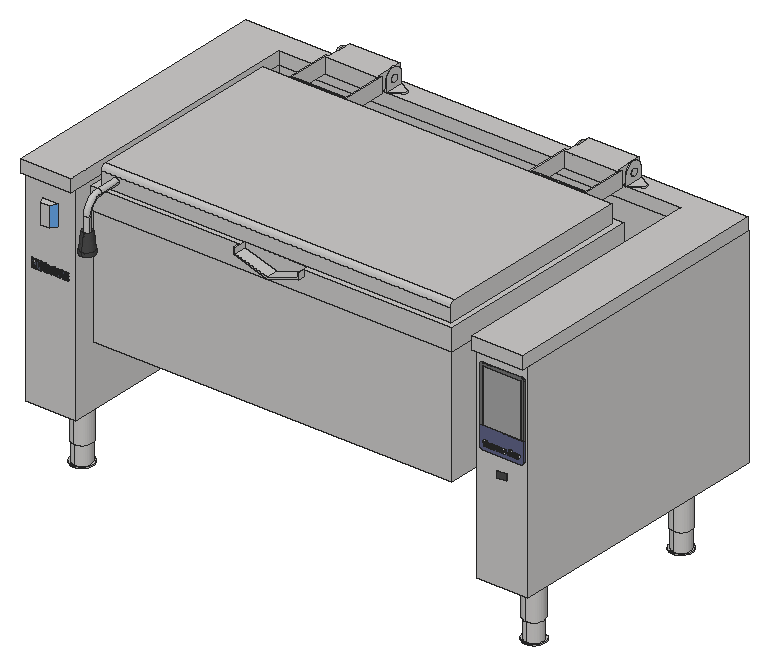
Revit family "QF_ELECTROLUXPROFESSIONAL_587126_PFET17ECIO", category Attrezzature speciali, Revit 2020 (continued)
Definition of nested family "QF_ELECTROLUXPROFESSIONAL_PBOTNB900_LEFT"
  Automatic sketch dimensions
    Extrusion 4 sketch curve to Extrusion 4 sketch curve = 1.476 mm  (x2)
    Extrusion 4 sketch curve to Extrusion 4 sketch curve = 1.469 mm  (x2)
    Extrusion 4 sketch curve to Extrusion 4 sketch curve = 3.728 mm
    Extrusion 4 sketch curve to Extrusion 4 sketch curve = 0.046 mm
    Extrusion 4 sketch curve to Extrusion 4 sketch curve = 0.177 mm
    Extrusion 4 sketch curve to Extrusion 4 sketch curve = 0.947 mm
    Extrusion 4 sketch curve to Extrusion 4 sketch curve = 0.308 mm
    Extrusion 4 sketch curve to Extrusion 4 sketch curve = 0.091 mm
    Extrusion 4 sketch curve to Extrusion 4 sketch curve = 2.375 mm
    Extrusion 4 sketch curve to Extrusion 4 sketch curve = 0.94 mm
    Extrusion 4 sketch curve to Extrusion 4 sketch curve = 0.54 mm
    Extrusion 4 sketch curve to Extrusion 4 sketch curve = 0.102 mm
    Extrusion 4 sketch curve to Extrusion 4 sketch curve = 0.002 mm  (x4)
    Extrusion 4 sketch curve to Extrusion 4 sketch curve = 0.105 mm
    Extrusion 4 sketch curve to Extrusion 4 sketch curve = 0.097 mm
    Extrusion 4 sketch curve to plane 3 "Center (Left/Right)" = 0.241 mm
    Extrusion 4 sketch curve to plane 3 "Center (Left/Right)" = 0.412 mm
    Extrusion 4 sketch curve to plane 3 "Center (Left/Right)" = 2.074 mm
    Extrusion 4 sketch curve to Extrusion 4 sketch curve = 1.777 mm
    Extrusion 4 sketch curve to plane 3 "Center (Left/Right)" = 2.704 mm
    Extrusion 4 sketch curve to Extrusion 4 sketch curve = 1.001 mm
    Extrusion 4 sketch curve to Extrusion 4 sketch curve = 1.393 mm  (x2)
    Extrusion 4 sketch curve to Extrusion 4 sketch curve = 2.363 mm
    Extrusion 4 sketch curve to Extrusion 4 sketch curve = 2.253 mm
    Extrusion 4 sketch curve to Extrusion 4 sketch curve = 0.014 mm  (x4)
    Extrusion 4 sketch curve to Extrusion 4 sketch curve = 0.172 mm
    Extrusion 4 sketch curve to Extrusion 4 sketch curve = 0.096 mm
    Extrusion 4 sketch curve to Extrusion 4 sketch curve = 0.164 mm
    Extrusion 4 sketch curve to Extrusion 4 sketch curve = 0.298 mm
    Extrusion 4 sketch curve to Extrusion 4 sketch curve = 0.247 mm
    Extrusion 4 sketch curve to Extrusion 4 sketch curve = 0.084 mm
    Extrusion 4 sketch curve to Extrusion 4 sketch curve = 6.484 mm
    Extrusion 4 sketch curve to Extrusion 4 sketch curve = 2.596 mm
    Extrusion 4 sketch curve to Extrusion 4 sketch curve = 0.059 mm  (x2)
    Extrusion 4 sketch curve to Extrusion 4 sketch curve = 3.889 mm
    Extrusion 4 sketch curve to Extrusion 4 sketch curve = 6.029 mm
    Extrusion 4 sketch curve to Extrusion 4 sketch curve = 0.929 mm
    Extrusion 4 sketch curve to Extrusion 4 sketch curve = 1.102 mm
    Extrusion 4 sketch curve to Extrusion 4 sketch curve = 0.756 mm  (x2)
    Extrusion 4 sketch curve to Extrusion 4 sketch curve = 0.852 mm
    Extrusion 4 sketch curve to Extrusion 4 sketch curve = 0.108 mm
    Extrusion 4 sketch curve to Extrusion 4 sketch curve = 0.101 mm
    Extrusion 4 sketch curve to Extrusion 4 sketch curve = 0.072 mm
    Extrusion 4 sketch curve to Extrusion 4 sketch curve = 1.67 mm
    Extrusion 4 sketch curve to Extrusion 4 sketch curve = 1.834 mm
    Extrusion 4 sketch curve to Extrusion 4 sketch curve = 0.366 mm
    Extrusion 4 sketch curve to Extrusion 4 sketch curve = 0.993 mm
    Extrusion 4 sketch curve to Extrusion 4 sketch curve = 0.81 mm
    Extrusion 4 sketch curve to Extrusion 4 sketch curve = 1.026 mm  (x2)
    Extrusion 4 sketch curve to Extrusion 4 sketch curve = 4.272 mm
    Extrusion 4 sketch curve to Extrusion 4 sketch curve = 0.163 mm
    Extrusion 4 sketch curve to Extrusion 4 sketch curve = 0.551 mm
    plane 14 to Extrusion 4 sketch curve = 6.023 mm
    Extrusion 4 sketch curve to Extrusion 4 sketch curve = 1.451 mm
    plane 14 to Extrusion 4 sketch curve = 5.28 mm
    Extrusion 4 sketch curve to Extrusion 4 sketch curve = 0.045 mm  (x2)
    Extrusion 4 sketch curve to Extrusion 4 sketch curve = 0.241 mm
    Extrusion 4 sketch curve to Extrusion 4 sketch curve = 0.039 mm
    Extrusion 4 sketch curve to Extrusion 4 sketch curve = 1.134 mm
    Extrusion 4 sketch curve to Extrusion 4 sketch curve = 2.351 mm
    Extrusion 4 sketch curve to plane 14 = 0.874 mm
    Extrusion 4 sketch curve to Extrusion 4 sketch curve = 10.128 mm
    Extrusion 4 sketch curve to Extrusion 4 sketch curve = 0.956 mm
    Extrusion 4 sketch curve to Extrusion 4 sketch curve = 1.263 mm
    Extrusion 4 sketch curve to Extrusion 4 sketch curve = 2.577 mm
    Extrusion 4 sketch curve to Extrusion 4 sketch curve = 0.243 mm
    Extrusion 4 sketch curve to Extrusion 4 sketch curve = 0.031 mm
    Extrusion 4 sketch curve to Extrusion 4 sketch curve = 7.148 mm
    Extrusion 4 sketch curve to Extrusion 4 sketch curve = 1.502 mm
    Extrusion 4 sketch curve to Extrusion 4 sketch curve = 11.54 mm
    Extrusion 4 sketch curve to Extrusion 4 sketch curve = 11.758 mm
    Extrusion 4 sketch curve to Extrusion 4 sketch curve = 4.097 mm
    Extrusion 4 sketch curve to Extrusion 4 sketch curve = 0.011 mm
    Extrusion 4 sketch curve to Extrusion 4 sketch curve = 4.488 mm
    plane 17 "CHW" to Extrusion 4 sketch curve = 191.223 mm
    Extrusion 4 sketch curve to Extrusion 4 sketch curve = 3.444 mm  (x2)
    Extrusion 4 sketch curve to Extrusion 4 sketch curve = 3.777 mm
    Extrusion 4 sketch curve to Extrusion 4 sketch curve = 1.093 mm
    Extrusion 4 sketch curve to Extrusion 4 sketch curve = 1.192 mm
    Extrusion 4 sketch curve to Extrusion 4 sketch curve = 0.319 mm
    Extrusion 4 sketch curve to Extrusion 4 sketch curve = 5.798 mm
    Extrusion 4 sketch curve to Extrusion 4 sketch curve = 2.021 mm
    Extrusion 4 sketch curve to Extrusion 4 sketch curve = 2.357 mm  (x3)
    Extrusion 4 sketch curve to Extrusion 4 sketch curve = 0.892 mm  (x3)
    Extrusion 4 sketch curve to Extrusion 4 sketch curve = 1.018 mm
    Extrusion 4 sketch curve to Extrusion 4 sketch curve = 3.382 mm  (x2)
    Extrusion 4 sketch curve to Extrusion 4 sketch curve = 2.117 mm
    Extrusion 4 sketch curve to Extrusion 4 sketch curve = 0.195 mm  (x2)
    Extrusion 4 sketch curve to Extrusion 4 sketch curve = 0.295 mm  (x2)
    Extrusion 4 sketch curve to Extrusion 4 sketch curve = 0.618 mm
    Extrusion 4 sketch curve to Extrusion 4 sketch curve = 0.385 mm  (x2)
    Extrusion 4 sketch curve to Extrusion 4 sketch curve = 1.626 mm  (x2)
    Extrusion 4 sketch curve to Extrusion 4 sketch curve = 1.65 mm
    Extrusion 4 sketch curve to Extrusion 4 sketch curve = 1.662 mm
    Extrusion 4 sketch curve to Extrusion 4 sketch curve = 0.013 mm  (x2)
    Extrusion 4 sketch curve to Extrusion 4 sketch curve = 0.292 mm
    Extrusion 4 sketch curve to Extrusion 4 sketch curve = 0.107 mm  (x2)
    Extrusion 4 sketch curve to Extrusion 4 sketch curve = 0.068 mm  (x2)
    Extrusion 4 sketch curve to Extrusion 4 sketch curve = 0.968 mm
    Extrusion 4 sketch curve to Extrusion 4 sketch curve = 0.365 mm
    Extrusion 4 sketch curve to Extrusion 4 sketch curve = 2.361 mm
    Extrusion 4 sketch curve to Extrusion 4 sketch curve = 2.359 mm
    Extrusion 4 sketch curve to Extrusion 4 sketch curve = 0.531 mm  (x2)
    Extrusion 4 sketch curve to Extrusion 4 sketch curve = 0.928 mm  (x2)
    Extrusion 4 sketch curve to Extrusion 4 sketch curve = 1.058 mm
    Extrusion 4 sketch curve to Extrusion 4 sketch curve = 0.297 mm  (x2)
    Extrusion 4 sketch curve to Extrusion 4 sketch curve = 0.155 mm  (x2)
    Extrusion 4 sketch curve to Extrusion 4 sketch curve = 1.305 mm
    Extrusion 4 sketch curve to Extrusion 4 sketch curve = 1.037 mm
    Extrusion 4 sketch curve to Extrusion 4 sketch curve = 0.182 mm  (x2)
    Extrusion 4 sketch curve to Extrusion 4 sketch curve = 0.607 mm  (x2)
    Extrusion 4 sketch curve to Extrusion 4 sketch curve = 0.304 mm  (x2)
    Extrusion 4 sketch curve to Extrusion 4 sketch curve = 0.372 mm  (x2)
    Extrusion 4 sketch curve to Extrusion 4 sketch curve = 0.016 mm  (x2)
    Extrusion 4 sketch curve to Extrusion 4 sketch curve = 0.996 mm
    Extrusion 4 sketch curve to Extrusion 4 sketch curve = 0.93 mm
    Extrusion 4 sketch curve to Extrusion 4 sketch curve = 0.709 mm  (x2)
    Extrusion 4 sketch curve to Extrusion 4 sketch curve = 1.752 mm
    Extrusion 4 sketch curve to Extrusion 4 sketch curve = 1.017 mm
    Extrusion 4 sketch curve to Extrusion 4 sketch curve = 4.718 mm
    Extrusion 4 sketch curve to Extrusion 4 sketch curve = 0.891 mm
    Extrusion 4 sketch curve to Extrusion 4 sketch curve = 3.826 mm
    Extrusion 4 sketch curve to Extrusion 4 sketch curve = 1.696 mm
    Extrusion 4 sketch curve to Extrusion 4 sketch curve = 0.954 mm
    Extrusion 4 sketch curve to Extrusion 4 sketch curve = 5.576 mm
    Extrusion 4 sketch curve to Extrusion 4 sketch curve = 5.657 mm  (x2)
    Extrusion 4 sketch curve to Extrusion 4 sketch curve = 5.661 mm  (x2)
    Extrusion 4 sketch curve to Extrusion 4 sketch curve = 0.006 mm
    Extrusion 4 sketch curve to Extrusion 4 sketch curve = 1.499 mm
    Extrusion 4 sketch curve to Extrusion 4 sketch curve = 7.186 mm
    Extrusion 4 sketch curve to Extrusion 4 sketch curve = 2.203 mm
    Extrusion 4 sketch curve to Extrusion 4 sketch curve = 2.21 mm
    Extrusion 4 sketch curve to Extrusion 4 sketch curve = 1.607 mm
    Extrusion 4 sketch curve to Extrusion 4 sketch curve = 3.479 mm
    Extrusion 4 sketch curve to Extrusion 4 sketch curve = 3.92 mm
    Extrusion 4 sketch curve to Extrusion 4 sketch curve = 0.05 mm
    Extrusion 4 sketch curve to Extrusion 4 sketch curve = 1.776 mm
    Extrusion 4 sketch curve to Extrusion 4 sketch curve = 4.017 mm
    Extrusion 4 sketch curve to Extrusion 4 sketch curve = 0.196 mm  (x2)
    Extrusion 4 sketch curve to Extrusion 4 sketch curve = 0.19 mm
    Extrusion 4 sketch curve to Extrusion 4 sketch curve = 1.312 mm
    Extrusion 4 sketch curve to Extrusion 4 sketch curve = 0.146 mm
    Extrusion 4 sketch curve to Extrusion 4 sketch curve = 2.831 mm
    Extrusion 4 sketch curve to Extrusion 4 sketch curve = 0.387 mm
    Extrusion 4 sketch curve to Extrusion 4 sketch curve = 0.174 mm
    Extrusion 4 sketch curve to Extrusion 4 sketch curve = 4.623 mm
    Extrusion 4 sketch curve to Extrusion 4 sketch curve = 1.754 mm
    Extrusion 4 sketch curve to Extrusion 4 sketch curve = 0.188 mm
    Extrusion 4 sketch curve to Extrusion 4 sketch curve = 0.02 mm
    Extrusion 4 sketch curve to Extrusion 4 sketch curve = 0.313 mm
    Extrusion 4 sketch curve to Extrusion 4 sketch curve = 0.12 mm
    Extrusion 4 sketch curve to Extrusion 4 sketch curve = 0.062 mm
    Extrusion 4 sketch curve to Extrusion 4 sketch curve = 0.568 mm
    Extrusion 4 sketch curve to Extrusion 4 sketch curve = 1.763 mm
    Extrusion 4 sketch curve to Extrusion 4 sketch curve = 0.095 mm
    Extrusion 4 sketch curve to Extrusion 4 sketch curve = 1.817 mm
    Extrusion 4 sketch curve to Extrusion 4 sketch curve = 0.357 mm
    Extrusion 4 sketch curve to Extrusion 4 sketch curve = 0.008 mm
    Extrusion 4 sketch curve to Extrusion 4 sketch curve = 0.36 mm
    Extrusion 4 sketch curve to Extrusion 4 sketch curve = 3.784 mm
    Extrusion 4 sketch curve to Extrusion 4 sketch curve = 1.654 mm
    Extrusion 4 sketch curve to Extrusion 4 sketch curve = 1.454 mm
    Extrusion 4 sketch curve to Extrusion 4 sketch curve = 1.705 mm
    Extrusion 4 sketch curve to Extrusion 4 sketch curve = 1.893 mm
    Extrusion 4 sketch curve to Extrusion 4 sketch curve = 3.429 mm
    Extrusion 4 sketch curve to Extrusion 4 sketch curve = 1.094 mm
    Extrusion 4 sketch curve to Extrusion 4 sketch curve = 2.218 mm
    Extrusion 4 sketch curve to Extrusion 4 sketch curve = 1.404 mm
    Extrusion 4 sketch curve to Extrusion 4 sketch curve = 5.763 mm
    Extrusion 4 sketch curve to Extrusion 4 sketch curve = 2.932 mm  (x2)
    Extrusion 4 sketch curve to Extrusion 4 sketch curve = 5.959 mm
    Extrusion 4 sketch curve to Extrusion 4 sketch curve = 1.424 mm
    Extrusion 4 sketch curve to Extrusion 4 sketch curve = 3.23 mm
    Extrusion 4 sketch curve to Extrusion 4 sketch curve = 1.975 mm
    Extrusion 4 sketch curve to Extrusion 4 sketch curve = 3.779 mm
    Extrusion 4 sketch curve to Extrusion 4 sketch curve = 2.212 mm
    Extrusion 4 sketch curve to Extrusion 4 sketch curve = 3.78 mm
    Extrusion 4 sketch curve to Extrusion 4 sketch curve = 1.279 mm
    Extrusion 4 sketch curve to Extrusion 4 sketch curve = 1.343 mm  (x2)
    Extrusion 4 sketch curve to Extrusion 4 sketch curve = 1.353 mm  (x2)
    Extrusion 4 sketch curve to Extrusion 4 sketch curve = 0.027 mm  (x2)
    Extrusion 4 sketch curve to Extrusion 4 sketch curve = 0.395 mm  (x2)
    Extrusion 4 sketch curve to Extrusion 4 sketch curve = 0.329 mm  (x2)
    Extrusion 4 sketch curve to Extrusion 4 sketch curve = 0.425 mm  (x2)
    Extrusion 4 sketch curve to Extrusion 4 sketch curve = 0.051 mm  (x2)
    Extrusion 4 sketch curve to Extrusion 4 sketch curve = 0.495 mm  (x2)
    Extrusion 4 sketch curve to Extrusion 4 sketch curve = 0.267 mm  (x2)
    Extrusion 4 sketch curve to Extrusion 4 sketch curve = 1.4 mm
    Extrusion 4 sketch curve to Extrusion 4 sketch curve = 5.233 mm
    Extrusion 4 sketch curve to Extrusion 4 sketch curve = 2.062 mm
    Extrusion 5 sketch curve to plane 13 "HW_CW" = 0.0 mm  (x2)
    Extrusion 5 sketch curve to plane 15 = 0.0 mm
    Extrusion 5 sketch curve to plane 14 = 0.0 mm
    radius of Extrusion 2 sketch curve = 6.35 mm  (x2)
    radius of Extrusion 4 sketch curve = 2.453 mm
    radius of Extrusion 4 sketch curve = 1.557 mm
    radius of Extrusion 4 sketch curve = 1.468 mm
    radius of Extrusion 4 sketch curve = 2.451 mm
    radius of Extrusion 5 sketch curve = 5.0 mm  (x2)
Definition of nested family "QF_ELECTROLUXPROFESSIONAL_PBOTNB900_RIGHT"
  Parameters
    Width = 160.0 mm
    Right = Width / 2  # 80.0 mm
    Default Elevation = 0.0 mm
    Left = -Width / 2  # -80.0 mm
    Htop = 40.0 mm
    Height = 900.0 mm
    HBase = 200.0 mm
    EI_z = 250.0 mm
    EI_y = 312.0 mm
    Depth = 900.0 mm
    BorderFront = 20.0 mm
    Body Finish [instance] = none
  Reference planes
    plane 1 "Center (Front/Back)": y = 0
    plane 2: z = 0
    plane 3 "Center (Left/Right)": x = 0
    plane 4 "LEFT": x = -80
    plane 5 "RIGHT": x = 80
    plane 6 "BACK": y = 450
    plane 7 "FRONT": y = -450
    plane 8 "Base": z = 200
    plane 9 "TOP": z = 900
    plane 10 "BorderFront": y = -430
    plane 11: z = 860
    plane 12 "EI": z = 450
    plane 13: y = 138
    plane 14 "STEAM_y": y = 211
    plane 15 "Steam_z": z = 340
  Forms (mm)
    Extrusion 1, solid
      sketch origin (0, 0, 0) x (1, 0, 0) y (0, 1, 0)
        loop
          line (-80, 450) -> (-80, -430) -> (80, -430) -> (80, 450) -> (-80, 450)
      from 860 to 200
    Extrusion 2, solid
      sketch origin (0, -430, 0) x (-1, 0, 0) y (0, 0, 1)
        loop
          line (59.714, 823.989) -> (-61.821, 823.989)
          arc (-61.821, 823.989) -> (-68.892, 821.06) -> (-71.821, 813.989) r 10
          line (-71.821, 813.989) -> (-71.821, 644.744) -> (-61.821, 644.744) -> (-61.821, 813.989) -> (59.714, 813.989) -> (59.714, 644.744) -> (69.714, 644.744) -> (69.714, 813.989)
          arc (69.714, 813.989) -> (66.786, 821.06) -> (59.714, 823.989) r 10
      from 0 to -3
    Extrusion 3, solid
      sketch origin (0, -430, 0) x (-1, 0, 0) y (0, 0, 1)
        loop
          line (69.714, 585) -> (69.714, 644.744) -> (-71.821, 644.744) -> (-71.821, 585)
          arc (-71.821, 585) -> (-68.892, 577.929) -> (-61.821, 575) r 10
          line (-61.821, 575) -> (59.714, 575)
          arc (59.714, 575) -> (66.786, 577.929) -> (69.714, 585) r 10
      from -3 to 0
    Extrusion 4, solid
      sketch origin (234.714, -430, 0) x (-1, 0, 0) y (0, 0, 1)
        loop
          line (294.429, 813.989) -> (172.894, 813.989) -> (172.894, 644.744) -> (294.429, 644.744) -> (294.429, 813.989)
      from 0 to -3
    Extrusion 5, solid
      sketch origin (0, -430, 0) x (-1, 0, 0) y (0, 0, 1)
        loop
          line (15, 530) -> (-15, 530) -> (-15, 510) -> (15, 510) -> (15, 530)
      from -1.6 to 0
    Extrusion 6, solid
      sketch origin (0, 450, 0) x (-1, 0, 0) y (0, 0, 1)
        loop
          circle (0, 450) r 5
      from 0 to 2
    Extrusion 7, solid
      sketch origin (0, 0, 200) x (0, 1, 0) y (-1, 0, 0)
        loop
          circle (138, 0) r 10
      from 0 to -3
    Extrusion 8, solid
      sketch origin (0, 0, 200) x (0, 1, 0) y (-1, 0, 0)
        loop
          circle (211, 0) r 12.7
      from 0 to -3
  Lines and regions (mm)
    symbolic lines
      curve 1: line (-80, 450, 0) -> (80, 450, 0)
      curve 2: line (80, 450, 0) -> (80, -430, 0)
  Dimensions and locks
    "Width": plane 4 "LEFT" to plane 5 "RIGHT"
    equal spacing: plane 4 "LEFT", plane 3 "Center (Left/Right)", plane 5 "RIGHT"
    equal spacing: plane 6 "BACK", plane 1 "Center (Front/Back)", plane 7 "FRONT"
    "Depth": plane 6 "BACK" to plane 7 "FRONT"
    "BorderFront": plane 10 "BorderFront" to plane 7 "FRONT"
    "Htop": plane 9 "TOP" to plane 11
    "Height": plane 9 "TOP" to level
    "HBase": plane 8 "Base" to level
    "EI_y": plane 6 "BACK" to plane 13
    "EI_z": plane 12 "EI" to plane 8 "Base"
    plane 6 "BACK" to plane 14 "STEAM_y" = 239.0 mm
    plane 15 "Steam_z" to plane 8 "Base" = 140.0 mm
    aligned and locked: level to plane 2
    aligned and locked: plane 10 "BorderFront" to Extrusion 1 sketch curve
    aligned and locked: plane 11 to Extrusion 1
    aligned and locked: Extrusion 1 to plane 8 "Base"
    aligned and locked: plane 4 "LEFT" to Extrusion 1 sketch curve
    aligned and locked: Extrusion 1 sketch curve to plane 5 "RIGHT"
    aligned and locked: Extrusion 1 sketch curve to plane 6 "BACK"
  Automatic sketch dimensions
    Extrusion 2 sketch curve to plane 5 "RIGHT" = 8.179 mm
    Extrusion 2 sketch curve to Extrusion 2 sketch curve = 10.0 mm  (x2)
    Extrusion 2 sketch curve to Extrusion 2 sketch curve = 0.0 mm  (x4)
    plane 4 "LEFT" to Extrusion 2 sketch curve = 20.286 mm
    Extrusion 2 sketch curve to plane 11 = 215.256 mm
    Extrusion 2 sketch curve to plane 11 = 46.011 mm
    Extrusion 3 sketch curve to plane 5 "RIGHT" = 8.179 mm
    plane 4 "LEFT" to Extrusion 3 sketch curve = 20.286 mm
    plane 4 "LEFT" to Extrusion 3 sketch curve = 10.286 mm
    Extrusion 3 sketch curve to plane 11 = 285.0 mm
    Extrusion 3 sketch curve to Extrusion 3 sketch curve = 59.744 mm
    Extrusion 3 sketch curve to Extrusion 3 sketch curve = 10.0 mm
    plane 4 "LEFT" to Extrusion 4 sketch curve = 20.286 mm
    Extrusion 4 sketch curve to plane 11 = 46.011 mm
    Extrusion 4 sketch curve to plane 5 "RIGHT" = 18.179 mm
    Extrusion 4 sketch curve to Extrusion 4 sketch curve = 169.244 mm
    Extrusion 6 sketch curve to plane 3 "Center (Left/Right)" = 0.0 mm
    Extrusion 6 sketch curve to plane 12 "EI" = 0.0 mm
    curve 1 to plane 4 "LEFT" = 0.0 mm
    curve 1 to plane 5 "RIGHT" = 0.0 mm
    curve 2 to plane 10 "BorderFront" = 0.0 mm
    curve 1 to plane 6 "BACK" = 0.0 mm
    plane 3 "Center (Left/Right)" to Extrusion 5 sketch curve = 15.0 mm
    Extrusion 5 sketch curve to plane 3 "Center (Left/Right)" = 15.0 mm
    plane 12 "EI" to Extrusion 5 sketch curve = 60.0 mm
    Extrusion 5 sketch curve to Extrusion 5 sketch curve = 20.0 mm
    Extrusion 7 sketch curve to plane 3 "Center (Left/Right)" = 0.0 mm
    Extrusion 7 sketch curve to plane 13 = 0.0 mm
    Extrusion 8 sketch curve to plane 3 "Center (Left/Right)" = 0.0 mm
    Extrusion 8 sketch curve to plane 14 "STEAM_y" = 0.0 mm
    radius of Extrusion 6 sketch curve = 5.0 mm
    radius of Extrusion 7 sketch curve = 10.0 mm
    radius of Extrusion 8 sketch curve = 12.7 mm
  Nested families
    nested 1: "ELX_ThermaLine" at (-0.906, -433, 593.675) x (1, 0, 0) z (0, -1, 0), type "ELX_ThermaLine"
      with Show Logo yes, Material_Logo none
  Definition of nested family "ELX_ThermaLine"
    Parameters
      Show Logo [instance] = yes
      Material_Logo [instance] = none
      Default Elevation = 0.0 mm
    Reference planes
      plane 1 "Centro (Fronte/Retro)": y = 0
      plane 2: z = 0
      plane 3 "Centro (Sinistra/Destra)": x = 0
    Forms (mm)
      Extrusion 1, solid
        sketch origin (0, 0, 0) x (1, 0, 0) y (0, 1, 0)
          loop
            line (-1219.2, 1219.2) -> (-1219.2, -1219.2) -> (1219.2, -1219.2) -> (1219.2, 1219.2) -> (-1219.2, 1219.2)
        from 0 to -304.8
      Extrusion 2, solid
        sketch origin (0, 0, 0) x (1, 0, 0) y (0, 1, 0)
          loop
            line (-52.84, 4.345) -> (-50.793, 4.345) -> (-50.793, 6.716) -> (-52.84, 6.716) -> (-52.84, 10.788) -> (-55.901, 9.058) -> (-55.901, 6.716) -> (-57.324, 6.716) -> (-57.324, 4.345) -> (-55.901, 4.345) -> (-55.901, -1.637)
            arc (-55.901, -1.637) -> (-54.76, -4.355) -> (-51.88, -4.985) r 3.198
            line (-51.88, -4.985) -> (-50.444, -4.597) -> (-50.782, -2.189) -> (-51.765, -2.453)
            arc (-51.765, -2.453) -> (-52.506, -2.305) -> (-52.84, -1.628) r 0.854
            line (-52.84, -1.628) -> (-52.84, 4.345)
          loop
            line (-48.642, 11.198) -> (-48.642, -4.787) -> (-45.561, -4.787) -> (-45.561, 2.659)
            arc (-45.561, 2.659) -> (-44.379, 4.372) -> (-42.304, 4.523) r 2.408
            arc (-42.304, 4.523) -> (-41.484, 3.75) -> (-41.182, 2.665) r 2.099
            line (-41.182, 2.665) -> (-41.182, -4.787) -> (-38.117, -4.787) -> (-38.088, 2.166)
            arc (-38.088, 2.166) -> (-38.343, 3.963) -> (-39.021, 5.646) r 7.517
            arc (-39.021, 5.646) -> (-42.369, 6.971) -> (-45.561, 5.303) r 4.327
            line (-45.561, 5.303) -> (-45.561, 11.198) -> (-48.642, 11.198)
          loop
            arc (-28.196, 1.988) -> (-28.834, 3.893) -> (-30.683, 4.679) r 2.449
            arc (-30.683, 4.679) -> (-32.149, 3.674) -> (-32.711, 1.988) r 2.793
            line (-32.711, 1.988) -> (-28.196, 1.988)
          loop
            arc (-25.128, 0.121) -> (-26.074, 4.342) -> (-29.545, 6.923) r 6.212
            arc (-29.545, 6.923) -> (-33.021, 6.358) -> (-35.352, 3.718) r 5.232
            arc (-35.352, 3.718) -> (-35.918, 1.148) -> (-35.633, -1.468) r 8.117
            arc (-35.633, -1.468) -> (-34.524, -3.319) -> (-32.789, -4.603) r 5.523
            arc (-32.789, -4.603) -> (-28.402, -4.744) -> (-25.297, -1.641) r 5.523
            line (-25.297, -1.641) -> (-28.327, -1.106)
            arc (-28.327, -1.106) -> (-29.324, -2.396) -> (-30.951, -2.501) r 1.982
            arc (-30.951, -2.501) -> (-32.276, -1.475) -> (-32.789, 0.121) r 2.835
            line (-32.789, 0.121) -> (-25.128, 0.121)
          loop
            line (-22.733, -4.787) -> (-19.705, -4.787) -> (-19.705, 0)
            arc (-19.705, 0) -> (-19.663, 1.267) -> (-19.469, 2.521) r 10.557
            arc (-19.469, 2.521) -> (-18.189, 4.014) -> (-16.237, 3.761) r 2.069
            line (-16.237, 3.761) -> (-15.318, 6.433)
            arc (-15.318, 6.433) -> (-17.915, 6.783) -> (-19.931, 5.11) r 3.262
            line (-19.931, 5.11) -> (-19.931, 6.752) -> (-22.733, 6.752) -> (-22.733, -4.787)
          loop
            line (-14.233, 6.752) -> (-14.233, -4.787) -> (-11.135, -4.787) -> (-11.135, 1.783)
            arc (-11.135, 1.783) -> (-10.552, 3.635) -> (-8.862, 4.59) r 2.646
            arc (-8.862, 4.59) -> (-7.677, 3.931) -> (-7.234, 2.65) r 1.899
            line (-7.234, 2.65) -> (-7.234, -4.787) -> (-4.155, -4.787) -> (-4.155, 1.467)
            arc (-4.155, 1.467) -> (-3.845, 2.923) -> (-2.97, 4.128) r 3.581
            arc (-2.97, 4.128) -> (-1.581, 4.474) -> (-0.516, 3.516) r 1.525
            arc (-0.516, 3.516) -> (-0.324, 2.735) -> (-0.304, 1.931) r 3.735
            line (-0.304, 1.931) -> (-0.304, -4.787) -> (2.776, -4.787) -> (2.776, 3.096)
            arc (2.776, 3.096) -> (1.833, 5.68) -> (-0.612, 6.942) r 3.784
            arc (-0.612, 6.942) -> (-2.795, 6.596) -> (-4.513, 5.205) r 4.271
            arc (-4.513, 5.205) -> (-5.893, 6.457) -> (-7.686, 6.964) r 4.079
            arc (-7.686, 6.964) -> (-9.75, 6.555) -> (-11.39, 5.237) r 4.412
            line (-11.39, 5.237) -> (-11.39, 6.752) -> (-14.233, 6.752)
          loop
            line (5.334, 3.712) -> (8.069, 3.23)
            arc (8.069, 3.23) -> (10.312, 4.685) -> (12.137, 2.73) r 2.082
            line (12.137, 2.73) -> (8.171, 1.741)
            arc (8.171, 1.741) -> (6.593, 1.022) -> (5.378, -0.215) r 4.758
            arc (5.378, -0.215) -> (5.225, -1.991) -> (5.744, -3.697) r 4.711
            arc (5.744, -3.697) -> (7.301, -4.682) -> (9.118, -4.992) r 4.691
            arc (9.118, -4.992) -> (10.903, -4.593) -> (12.411, -3.558) r 4.818
            line (12.411, -3.558) -> (12.81, -4.787) -> (15.873, -4.787) -> (15.179, -2.652) -> (15.179, 3.25)
            arc (15.179, 3.25) -> (14.773, 5.146) -> (13.38, 6.496) r 3.336
            arc (13.38, 6.496) -> (10.765, 7.201) -> (8.091, 6.773) r 6.459
            arc (8.091, 6.773) -> (6.348, 5.57) -> (5.334, 3.712) r 4.569
          loop
            line (21.001, -4.787) -> (24.24, -4.787) -> (27.623, 11.127) -> (24.384, 11.127) -> (21.001, -4.787)
          loop
            line (27.273, -4.787) -> (30.332, -4.787) -> (32.777, 6.716) -> (29.718, 6.716) -> (27.273, -4.787)
          loop
            line (30.656, 11.127) -> (30.058, 8.314) -> (33.117, 8.314) -> (33.715, 11.127) -> (30.656, 11.127)
          loop
            line (33.431, -4.787) -> (36.649, -4.787) -> (38.261, 2.796)
            arc (38.261, 2.796) -> (39.644, 4.445) -> (41.791, 4.594) r 2.751
            arc (41.791, 4.594) -> (42.425, 3.729) -> (42.502, 2.659) r 1.936
            line (42.502, 2.659) -> (40.919, -4.787) -> (43.989, -4.787) -> (45.795, 3.712)
            arc (45.795, 3.712) -> (45.588, 5.458) -> (44.361, 6.716) r 2.734
            arc (44.361, 6.716) -> (41.222, 6.857) -> (38.516, 5.259) r 5.512
            line (38.516, 5.259) -> (38.826, 6.716) -> (35.876, 6.716) -> (33.431, -4.787)
          loop
            line (50.773, 1.934) -> (55.672, 1.934)
            arc (55.672, 1.934) -> (55.737, 2.919) -> (55.334, 3.821) r 2.051
            arc (55.334, 3.821) -> (53.773, 4.722) -> (52.024, 4.287) r 2.407
            arc (52.024, 4.287) -> (51.223, 3.203) -> (50.773, 1.934) r 4.566
          loop
            line (50.479, 0) -> (58.259, 0)
            arc (58.259, 0) -> (58.241, 3.53) -> (56.181, 6.396) r 5.8
            arc (56.181, 6.396) -> (52.577, 6.992) -> (49.395, 5.199) r 5.498
            arc (49.395, 5.199) -> (47.819, 2.372) -> (47.536, -0.853) r 7.747
            arc (47.536, -0.853) -> (48.406, -3.006) -> (50.236, -4.437) r 4.494
            arc (50.236, -4.437) -> (52.672, -4.934) -> (55.109, -4.437) r 6.224
            arc (55.109, -4.437) -> (56.76, -3.346) -> (57.916, -1.739) r 5.478
            line (57.916, -1.739) -> (55.129, -1.247)
            arc (55.129, -1.247) -> (53.897, -2.495) -> (52.149, -2.637) r 2.52
            arc (52.149, -2.637) -> (50.809, -1.638) -> (50.479, 0) r 2.336
          loop
            line (12.154, 0.755) -> (8.732, -0.098)
            arc (8.732, -0.098) -> (8.126, -1.288) -> (8.732, -2.478) r 1.471
            arc (8.732, -2.478) -> (10.437, -2.725) -> (11.827, -1.706) r 2.276
            arc (11.827, -1.706) -> (12.142, -0.496) -> (12.154, 0.755) r 5.123
        from 0 to 1.6
    Dimensions and locks
      aligned and locked: plane 2 to Extrusion 1
      aligned and locked: level to Extrusion 1
Definition of nested family "QF_ELECTROLUXPROFESSIONAL_2FEET_THL_120xH200"
  Parameters
    Width = 120.0 mm
    Right = Width / 2  # 60.0 mm
    Default Elevation = 0.0 mm
    Left = -Width / 2  # -60.0 mm
    Height = 200.0 mm
    HBase = Height - 15.0 mm  # 185.0 mm
    Depth = 880.0 mm
  Reference planes
    plane 1 "Center (Front/Back)": y = 0
    plane 2: z = 0
    plane 3 "Center (Left/Right)": x = 0
    plane 4 "LEFT": x = -60
    plane 5 "RIGHT": x = 60
    plane 6 "BACK": y = 440
    plane 7 "FRONT": y = -440
    plane 8 "Base": z = 185
    plane 9 "TOP": z = 200
    plane 10: y = 283
    plane 11: y = -304
    plane 12: y = 368
    plane 13: y = -388
    plane 14: x = -80
  Forms (mm)
    Extrusion 1, solid
      sketch origin (0, 0, 200) x (0, 1, 0) y (-1, 0, 0)
        loop
          line (368, 60) -> (-388, 60) -> (-388, -60) -> (368, -60) -> (368, 60)
      from 0 to -15
    Revolve 2, solid
      sketch origin (0, 0, 0) x (0, 1, 0) y (0, 0, 1)
        loop
          line (283, 0) -> (318, 0) -> (318, 2) -> (311.179, 2) -> (311.179, 63) -> (314.75, 63) -> (314.75, 185) -> (283, 185) -> (283, 0)
        axis (283, 185) -> (283, 0)
      angle from 0 to 360
    Revolve 3, solid
      sketch origin (0, 0, 0) x (0, 1, 0) y (0, 0, 1)
        loop
          line (-304, 185) -> (-304, 0) -> (-269, 0) -> (-269, 2) -> (-275.821, 2) -> (-275.821, 63) -> (-272.25, 63) -> (-272.25, 185) -> (-304, 185)
        axis (-304, 185) -> (-304, 0)
      angle from 0 to 360
  Dimensions and locks
    "Width": plane 4 "LEFT" to plane 5 "RIGHT"
    equal spacing: plane 4 "LEFT", plane 3 "Center (Left/Right)", plane 5 "RIGHT"
    equal spacing: plane 6 "BACK", plane 1 "Center (Front/Back)", plane 7 "FRONT"
    "Depth": plane 6 "BACK" to plane 7 "FRONT"
    "HBase": plane 8 "Base" to level
    "Height": plane 9 "TOP" to level
    locked: plane 6 "BACK" to plane 10 at 157
    locked: plane 10 to plane 11 at 587
    plane 6 "BACK" to plane 12 = 72.0 mm
    plane 13 to plane 7 "FRONT" = 52.0 mm
    plane 12 to plane 13 = 756.0 mm
    plane 14 to plane 3 "Center (Left/Right)" = 80.0 mm
    aligned and locked: level to plane 2
    aligned and locked: Extrusion 1 sketch curve to plane 5 "RIGHT"
    aligned and locked: plane 4 "LEFT" to Extrusion 1 sketch curve
    aligned and locked: Extrusion 1 to plane 8 "Base"
    aligned and locked: Extrusion 1 sketch curve to plane 12
    aligned and locked: plane 13 to Extrusion 1 sketch curve
  Automatic sketch dimensions
    Revolve 2 sketch curve to level = 0.0 mm
    Revolve 2 sketch curve to plane 10 = 0.0 mm  (x2)
    Revolve 2 sketch curve to plane 8 "Base" = 0.0 mm
    plane 10 to Revolve 2 sketch curve = 28.179 mm
    Revolve 2 sketch curve to Revolve 2 sketch curve = 31.75 mm
    Revolve 2 sketch curve to Revolve 2 sketch curve = 6.821 mm
    level to Revolve 2 sketch curve = 2.0 mm
    Revolve 2 sketch curve to Revolve 2 sketch curve = 61.0 mm
    Revolve 2 sketch curve to level = 50.0 mm
    plane 9 "TOP" to Revolve 2 sketch curve = 70.0 mm
    Revolve 3 sketch curve to plane 11 = 0.0 mm
    Revolve 3 sketch curve to level = 0.0 mm
    Revolve 3 sketch curve to plane 10 = 587.0 mm
    Revolve 3 sketch curve to plane 8 "Base" = 0.0 mm
    Revolve 3 sketch curve to plane 10 = 558.821 mm
    Revolve 3 sketch curve to Revolve 3 sketch curve = 3.571 mm
    Revolve 3 sketch curve to Revolve 3 sketch curve = 6.821 mm
    level to Revolve 3 sketch curve = 2.0 mm
    Revolve 3 sketch curve to Revolve 3 sketch curve = 61.0 mm
    Revolve 3 sketch curve to level = 180.0 mm
    plane 9 "TOP" to Revolve 3 sketch curve = 205.0 mm
Definition of nested family "QF_ELECTROLUXPROFESSIONAL_PFET900_LEVEL1"
  Parameters
    Default Elevation = 0.0 mm
    Assembly Code = ""
  Reference planes
    plane 1 "Center (Front/Back)": y = 0
    plane 2: z = 0
    plane 3 "Center (Left/Right)": x = 0
  Forms (mm)
    Sweep 1, solid
      path origin (0, 0, 0) x (0, 1, 0) y (0, 0, 1)
        loop
          line (0, 0) -> (-70, 0)
          arc (-70, 0) -> (-101.82, -13.18) -> (-115, -45) r 45
          line (-115, -45) -> (-115, -90)
      profile origin (0, -35, 0) x (0, 0, -1) y (1, 0, 0)
        loop
          circle (0, 0) r 9
    Revolve 2, solid
      sketch origin (0, 0, 0) x (0, 1, 0) y (0, 0, 1)
        loop
          line (-115, -90) -> (-115, -152.379) -> (-92.246, -152.379) -> (-92.246, -142.379) -> (-94.495, -142.379) -> (-100, -90) -> (-115, -90)
        axis (-115, -90) -> (-115, -152.379)
      angle from 0 to 360
  Lines and regions (mm)
    symbolic lines
      curve 1: line (9, 0, 0) -> (9, -94.102, 0)
      curve 2: line (-9, 0, 0) -> (-9, -94.102, 0)
      curve 3: circle (0, -115, 0) r 22.754 normal (0, 0, 1)
  Dimensions and locks
    aligned and locked: level to plane 2
